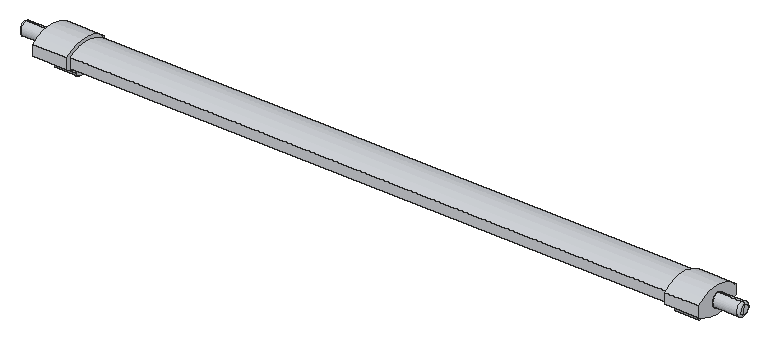
Revit family "0045754", category Lighting Fixtures, host Face, Revit 2017
Family settings
  Host = Face
  Round Connector Dimension = Use Diameter
  Part Type = Normal
  OmniClass Number = 23.80.70.00
  OmniClass Title = Lighting
  Cut with Voids When Loaded = No
  Light Source = Yes
  Shared = No
  Room Calculation Point = No
Parameters (values of type "0045754 ST E BATTEN 1500 IP65 6000LM 840")
  Weight = "8.28 kg"
  Wattage Comments = ""
  Wattage = 42 W
  WarrantyStartDate [instance] = "n/a"
  WarrantyGuarantorParts = "n/a"
  WarrantyDurationUnit = "n/a"
  WarrantyDurationParts = "n/a"
  WarrantyDescription = "n/a"
  built-in parameter 1150110 = 1 (stored number, unit not read)
  Voltage = 0 V
  URL = "http://www.sylvania-lighting.com"
  TypeName = "START eco Batten 1500 IP65 6000lm 840"
  Type Image = <None>
  Type Comments = "n/a"
  built-in parameter 1114217 = 1 (stored number, unit not read)
  Tilt Angle = -90.00°
  built-in parameter 1150109 = 1 (stored number, unit not read)
  built-in parameter 1150134 = 12
  built-in parameter 1150113 = 1 (stored number, unit not read)
  SerialNumber [instance] = "n/a"
  Photometric Web File = "0045754.ies"
  Material_3_SYL = none
  PowerFactor = 0.9
  PowerConsumption = "42 W"
  NominalLength = 1560 mm
  NominalHeight = 55 mm
  NominalDepth = 80 mm
  Name = "START eco Batten 1500 IP65 6000lm 840"
  ModelReference = Name  # "START eco Batten 1500 IP65 6000lm 840"
  ModelNumber = "0045754"
  Model = Name  # "START eco Batten 1500 IP65 6000lm 840"
  Material = "pc polycarbonate housing, pc polycarbonate diffuser"
  ManufacturerName = "Feilo Sylvania"
  Manufacturer = "Feilo Sylvania"
  LuminousEfficacy = "143 lm/W"
  built-in parameter 1150105 = 477.94 (stored number, unit not read)
  Lumens = 6006 lm
  LuminaireType = ""
  built-in parameter 1150115 = 1 (stored number, unit not read)
  LightOutputRatio = "n/a"
  built-in parameter 1150137 = (empty or 0)
  built-in parameter 1150139 = (empty or 0)
  LampsType = Lamp  # "LED"
  LampNominalLuminous = "6000 lm"
  LampMacAdamStep = "5"
  LampColourTemperature = "4000 K"
  LampColourRenderingIndex = "80"
  built-in parameter 1150112 = 1 (stored number, unit not read)
  built-in parameter 1150114 = 1 (stored number, unit not read)
  Lamp = "LED"
  L_CABLE_SYL = 47 mm
  LUM_W_SYL = 40 mm
  LUM_LENGHT1500_SYL = no
  LUM_H_SYL = 50 mm
  LAMP_ST_SYL = if(LUM_LENGHT1500_SYL, -992 mm, -865.5 mm)  # -865.5 mm
  LAMP_L1_SYL = if(LUM_LENGHT1500_SYL, 726.5 mm, 576.5 mm)  # 576.5 mm
  LUM_D2_SYL = 38 mm - LUM_D1_SYL  # 0 mm
  LUM_D1_SYL = 38 mm
  LAMP_END_SYL = if(LUM_LENGHT1500_SYL, 354 mm, 227.5 mm)  # 227.5 mm
  L3_SYL = 6.5 mm
  Keynote = "16500"
  InstallationDate [instance] = "n/a"
  InputVoltage = "n/a"
  InputNominalFrequency = "n/a"
  built-in parameter 1150132 = (empty or 0)
  built-in parameter 1150102 = (empty or 0)
  built-in parameter 1150107 = 4000 (stored number, unit not read)
  built-in parameter 1150138 = (empty or 0)
  IngressProtection = "IP65"
  ImpactProtectionIndex = "IK08"
  built-in parameter 1150106 = 4.7794 (stored number, unit not read)
  IfcExportType = "IfcLightFixtureType"
  IfcExportAs = "IfcLightFixtureType"
  Emit from Circle Diameter = 609.6 mm
  Emit Shape Visible in Rendering = no
  ElectricShockClassification = "Class II"
  built-in parameter 1150104 = 13.285 (stored number, unit not read)
  DocumentationLiterature = "http://www.sylvania-lighting.com/product/en-int/products/0045754"
  DimmingControlOptions = "n/a"
  Material_2_SYL = none
  Dimming Lamp Color Temperature Shift = <None>
  Description = ""
  Default Elevation = 1219.2 mm
  CreatedOn = "10/6/2020"
  CreatedBy = "@sylvania-lighting.com"
  Cost = 0
  Color Filter = 16777215
  built-in parameter 1114216 [instance] = (empty or 0)
  ClassificationValue = "EF_70_80"
  ClassificationName = "Uniclass2015"
  Material_1_SYL = none
  CABLE_D_SYL = 23 mm
  BarCode [instance] = "n/a"
  built-in parameter 1114218 = 1 (stored number, unit not read)
  BODY_ST_SYL = if(LUM_LENGHT1500_SYL, -1052 mm, 204 mm)  # 204 mm
  BODY_END_SYL = if(LUM_LENGHT1500_SYL, -992 mm, 264 mm)  # 264 mm
  BRACKET1_ST_SYL = if(LUM_LENGHT1500_SYL, 394 mm, 244 mm)  # 244 mm
  BRACKET1_END_SYL = if(LUM_LENGHT1500_SYL, 354 mm, 204 mm)  # 204 mm
  built-in parameter 1150133 = 10 (stored number, unit not read)
  AssetType = "Fixed"
  AssetIdentifier [instance] = "n/a"
  Assembly Code = "D5020200"
  Apparent Load = 42 VA
  Material_4_SYL = none
Types (6, lengths in mm): name | Weight | Wattage | TypeName | built-in parameter 1150134 | Photometric Web File | PowerConsumption | NominalLength | NominalHeight | NominalDepth | Name | ModelReference | ModelNumber | Model | Material | LuminousEfficacy | built-in parameter 1150105 | Lumens | LightOutputRatio | LampNominalLuminous | LampColourTemperature | built-in parameter 1150107 | built-in parameter 1150106 | built-in parameter 1150104 | DocumentationLiterature | Description | Apparent Load
  0045753 ST E BATTEN 1500 IP65 6000LM 830 | "13.8 kg" | 42 W | "START eco Batten 1500 IP65 6000lm 830" | (empty or 0) | "0045753.ies" | "42 W" | 1560 | 55 | 80 | "START eco Batten 1500 IP65 6000lm 830" | "START eco Batten 1500 IP65 6000lm 830" | "0045753" | "START eco Batten 1500 IP65 6000lm 830" | "pc polycarbonate housing, pc polycarbonate diffuser" | "143 lm/W" | 477.94 (stored number, unit not read) | 6006 lm | "n/a" | "6000 lm" | "3000 K" | 3000 (stored number, unit not read) | 4.7794 (stored number, unit not read) | 13.285 (stored number, unit not read) | "http://www.sylvania-lighting.com/product/en-int/products/0045753" | "" | 42 VA
  0045750 ST E BATTEN 1200 IP65 5200LM 840 | "7.02 kg" | 36 W | "START eco Batten  1200 IP65 5200lm 840" | 12 | "0045750.ies" | "36 W" | 1260 | 55 | 80 | "START eco Batten  1200 IP65 5200lm 840" | "START eco Batten  1200 IP65 5200lm 840" | "0045750" | "START eco Batten  1200 IP65 5200lm 840" | "pc polycarbonate housing, pc polycarbonate diffuser" | "144 lm/W" | 412.53 (stored number, unit not read) | 5184 lm | "n/a" | "5200 lm" | "4000 K" | 4000 (stored number, unit not read) | 4.1253 (stored number, unit not read) | 13.378 (stored number, unit not read) | "http://www.sylvania-lighting.com/product/en-int/products/0045750" | "" | 36 VA
  0045749 ST E BATTEN 1200 IP65 5200LM 830 | "7.02 kg" | 36 W | "START eco Batten 1200 IP65 5200lm 830" | (empty or 0) | "0045749.ies" | "36 W" | 1260 | 55 | 80 | "START eco Batten 1200 IP65 5200lm 830" | "START eco Batten 1200 IP65 5200lm 830" | "0045749" | "START eco Batten 1200 IP65 5200lm 830" | "pc polycarbonate housing, pc polycarbonate diffuser" | "144 lm/W" | 412.53 (stored number, unit not read) | 5184 lm | "n/a" | "5200 lm" | "3000 K" | 3000 (stored number, unit not read) | 4.1253 (stored number, unit not read) | 13.378 (stored number, unit not read) | "http://www.sylvania-lighting.com/product/en-int/products/0045749" | "" | 36 VA
  0045416 ST E BATTEN NEO 1500 IP65 6000LM 865 ME | "12.213 kg" | 48 W | "START eco Batten NEO 1500 IP65 6000lm 865 ME" | 1 | "0045416.ies" | "48 W" | 1500 | 53.6 | 80 | "START eco Batten NEO 1500 IP65 6000lm 865 ME" | "START eco Batten NEO 1500 IP65 6000lm 865 ME" | "0045416" | "START eco Batten NEO 1500 IP65 6000lm 865 ME" | "n/a" | "125 lm/W" | 477.46 (stored number, unit not read) | 6000 lm | "100" | "6000 lm" | "6500 K" | 6500 (stored number, unit not read) | 4.7746 (stored number, unit not read) | 11.613 (stored number, unit not read) | "http://www.sylvania-lighting.com/product/en-int/products/0045416" | "The new upgraded Start eco Batten IP65 (upgraded version of Batten LED LINK) is a versatile range of slimline LED waterproof luminaires that provide an ideal solution for interior and exterior applications such as workshops, garages and outdoor covered spaces. The design allows the luminaire to be easily linked to another luminaire through an IP65 rated connector. The product can be a slimline replacement for single and twin 36W/58W fluorescent waterproof battens.Polycarbonate housing and diffuser, 5520 lm, 48 W, 115 lm/W, 3000 K, drive current 300 mA, non dimmable, CRI 80, IP65, IK08, Class II, nominal average lifetime (h): 30000, 1500 mm x 80 mm x 53.6 mm, energy class: A++ A+ A." | 48 VA
  0045414 ST E BATTEN NEO 1200 IP65 5200LM 865 ME | "13.368 kg" | 36 W | "START eco Batten NEO 1200 IP65 5200lm 865 ME" | 1 | "0045414.ies" | "36 W" | 1200 | 52.8 | 44 | "START eco Batten NEO 1200 IP65 5200lm 865 ME" | "START eco Batten NEO 1200 IP65 5200lm 865 ME" | "0045414" | "START eco Batten NEO 1200 IP65 5200lm 865 ME" | "n/a" | "144 lm/W" | 412.53 (stored number, unit not read) | 5184 lm | "100" | "5200 lm" | "6500 K" | 6500 (stored number, unit not read) | 4.1253 (stored number, unit not read) | 13.378 (stored number, unit not read) | "http://www.sylvania-lighting.com/product/en-int/products/0045414" | "The new upgraded Start eco Batten IP65 (upgraded version of Batten LED LINK) is a versatile range of slimline LED waterproof luminaires that provide an ideal solution for interior and exterior applications such as workshops, garages and outdoor covered spaces. The design allows the luminaire to be easily linked to another luminaire through an IP65 rated connector. The product can be a slimline replacement for single and twin 36W/58W fluorescent waterproof battens.Polycarbonate housing and diffuser, 2500 lm, 20 W, 125 lm/W, 4000 K, drive current 130 mA, non dimmable, CRI 80, IP65, IK08, Class II, nominal average lifetime (h): 30000, 1200 mm x 42 mm x 52.8 mm, energy class: A++ A+ A." | 36 VA
  0045754 ST E BATTEN 1500 IP65 6000LM 840 | "8.28 kg" | 42 W | "START eco Batten 1500 IP65 6000lm 840" | 12 | "0045754.ies" | "42 W" | 1560 | 55 | 80 | "START eco Batten 1500 IP65 6000lm 840" | "START eco Batten 1500 IP65 6000lm 840" | "0045754" | "START eco Batten 1500 IP65 6000lm 840" | "pc polycarbonate housing, pc polycarbonate diffuser" | "143 lm/W" | 477.94 (stored number, unit not read) | 6006 lm | "n/a" | "6000 lm" | "4000 K" | 4000 (stored number, unit not read) | 4.7794 (stored number, unit not read) | 13.285 (stored number, unit not read) | "http://www.sylvania-lighting.com/product/en-int/products/0045754" | "" | 42 VA
Reference planes
  plane 1 "Center (Front/Back)": y = 0
  plane 2: z = 0
  plane 3 "Center (Left/Right)": x = 0
  plane 4: x = 576.5
  plane 5: x = 583
  plane 6: x = 630
  plane 7: x = -576.5
  plane 8: x = -583
  plane 9: x = -630
  plane 10: z = 0
  plane 11: z = -5.5
  plane 12: z = 0
  plane 13: z = -50
  plane 14: y = 18
  plane 15: y = -18
  plane 16: z = -46
  plane 17: y = 16
  plane 18: y = -16
  plane 19: y = 40
  plane 20: y = -40
  plane 21: z = 5
  plane 22: z = -10
  plane 23: z = -28
  plane 24: z = -17.3
  plane 25: z = -0.3
  plane 26: z = -34.3
  plane 27: y = 35
  plane 28: y = -35
Forms (mm)
  Revolve 1, solid
    sketch origin (0, 0, 0) x (1, 0, 0) y (0, 0, 1)
      loop
        line (630, -17) -> (583, -17) -> (583, -29.5)
        arc (583, -29.5) -> (583.293, -28.793) -> (584, -28.5) r 1
        line (584, -28.5) -> (626, -28.5)
        arc (626, -28.5) -> (628.828, -27.328) -> (630, -24.5) r 4
        line (630, -24.5) -> (630, -17)
      loop
        arc (-584, -28.5) -> (-583.293, -28.793) -> (-583, -29.5) r 1
        line (-583, -29.5) -> (-583, -17) -> (-630, -17) -> (-630, -24.5)
        arc (-630, -24.5) -> (-628.828, -27.328) -> (-626, -28.5) r 4
        line (-626, -28.5) -> (-584, -28.5)
      axis (630, -17) -> (-630, -17)
    angle from 360 to 0
  Extrusion 2, solid
    sketch origin (319, 1524, 1219.2) x (0, 1, 0) y (0, 0, 1)
      loop
        line (-1506, -1236.2) -> (-1508, -1236.2) -> (-1508, -1261.2)
        arc (-1508, -1261.2) -> (-1509.172, -1264.028) -> (-1512, -1265.2) r 4
        line (-1512, -1265.2) -> (-1534, -1265.2)
        arc (-1534, -1265.2) -> (-1538.243, -1263.443) -> (-1540, -1259.2) r 6
        line (-1540, -1259.2) -> (-1540, -1236.2) -> (-1542, -1236.2) -> (-1542, -1263.2)
        arc (-1542, -1263.2) -> (-1540.243, -1267.443) -> (-1536, -1269.2) r 6
        line (-1536, -1269.2) -> (-1512, -1269.2)
        arc (-1512, -1269.2) -> (-1507.757, -1267.443) -> (-1506, -1263.2) r 6
        line (-1506, -1263.2) -> (-1506, -1236.2)
    from 204 <- "BRACKET1_END_SYL" to 244 <- "BRACKET1_ST_SYL"
  Extrusion 3, solid
    sketch origin (-319, 1524, 1219.2) x (0, 1, 0) y (0, 0, -1)
      loop
        line (-1506, 1236.2) -> (-1506, 1263.2)
        arc (-1506, 1263.2) -> (-1507.757, 1267.443) -> (-1512, 1269.2) r 6
        line (-1512, 1269.2) -> (-1536, 1269.2)
        arc (-1536, 1269.2) -> (-1540.243, 1267.443) -> (-1542, 1263.2) r 6
        line (-1542, 1263.2) -> (-1542, 1236.2) -> (-1540, 1236.2) -> (-1540, 1259.2)
        arc (-1540, 1259.2) -> (-1538.243, 1263.443) -> (-1534, 1265.2) r 6
        line (-1534, 1265.2) -> (-1512, 1265.2)
        arc (-1512, 1265.2) -> (-1509.172, 1264.028) -> (-1508, 1261.2) r 4
        line (-1508, 1261.2) -> (-1508, 1236.2) -> (-1506, 1236.2)
    from 204 <- "BRACKET1_END_SYL" to 244 <- "BRACKET1_ST_SYL"
  Extrusion 4, solid
    sketch origin (319, 1524, 1219.2) x (0, 1, 0) y (0, 0, 1)
      loop
        line (-1564, -1229.2) -> (-1564, -1247.2)
        arc (-1564, -1247.2) -> (-1524, -1258.757) -> (-1484, -1247.2) r 75
        line (-1484, -1247.2) -> (-1484, -1229.2)
        arc (-1484, -1229.2) -> (-1524, -1214.2) -> (-1564, -1229.2) r 60.833
    from 204 <- "BODY_ST_SYL" to 264 <- "BODY_END_SYL"
  Extrusion 5, solid
    sketch origin (-319, 1524, 1219.2) x (0, 1, 0) y (0, 0, -1)
      loop
        arc (-1564, 1229.2) -> (-1524, 1214.2) -> (-1484, 1229.2) r 60.833
        line (-1484, 1229.2) -> (-1484, 1247.2)
        arc (-1484, 1247.2) -> (-1524, 1258.757) -> (-1564, 1247.2) r 75
        line (-1564, 1247.2) -> (-1564, 1229.2)
    from 204 <- "BODY_ST_SYL" to 264 <- "BODY_END_SYL"
  Extrusion 6, solid
    sketch origin (319, 1524, 1219.2) x (0, 1, 0) y (0, 0, 1)
      loop
        arc (-1489, -1229.2) -> (-1524, -1219.2) -> (-1559, -1229.2) r 66.25
        line (-1559, -1229.2) -> (-1559, -1247.2)
        arc (-1559, -1247.2) -> (-1524, -1253.5) -> (-1489, -1247.2) r 100.372
        line (-1489, -1247.2) -> (-1489, -1229.2)
    from -865.5 <- "LAMP_ST_SYL" to 227.5 <- "LAMP_END_SYL"
Dimensions and locks
  "LAMP_L1_SYL": plane 4 to plane 3 "Center (Left/Right)"
  "LAMP_L1_SYL": plane 3 "Center (Left/Right)" to plane 7
  "L3_SYL": plane 5 to plane 4
  "L_CABLE_SYL": plane 6 to plane 5
  plane 7 to plane 8 = 6.5 mm
  plane 8 to plane 9 = 47 mm
  "L3_SYL": plane 7 to plane 8
  "L_CABLE_SYL": plane 8 to plane 9
  "LUM_D2_SYL": plane 10 to host face
  plane 10 to host face = 0 mm
  "LUM_H_SYL": plane 13 to host face
  "LUM_W_SYL": plane 19 to plane 1 "Center (Front/Back)" to plane 20
  aligned and locked: plane 2 to host face
  aligned and locked: level to host face
  aligned and locked: plane 8 to Revolve 1 sketch curve
Automatic sketch dimensions
  host sketch curve to host sketch curve = 2438.4 mm  (x2)
  Revolve 1 sketch curve to plane 9 = 0 mm
  Revolve 1 sketch curve to plane 5 = 0 mm
  Revolve 1 sketch curve to plane 6 = 0 mm
  Revolve 1 sketch curve to Revolve 1 sketch curve = 4 mm
  plane 23 to Revolve 1 sketch curve = 0.5 mm  (x2)
  Revolve 1 sketch curve to plane 8 = 1 mm
  plane 5 to Revolve 1 sketch curve = 1 mm
  Revolve 1 sketch curve to plane 6 = 4 mm
  plane 22 to Revolve 1 sketch curve = 7 mm  (x3)
  Revolve 1 sketch curve to plane 9 = 561.5 mm
  plane 6 to Revolve 1 sketch curve = 569.9 mm
  Extrusion 2 sketch curve to plane 15 = 0 mm
  Extrusion 2 sketch curve to plane 18 = 0 mm
  plane 13 to Extrusion 2 sketch curve = 0 mm
  plane 16 to Extrusion 2 sketch curve = 0 mm
  Extrusion 2 sketch curve to plane 17 = 0 mm
  Extrusion 2 sketch curve to plane 14 = 0 mm
  Extrusion 2 sketch curve to plane 16 = 2 mm  (x2)
  Extrusion 2 sketch curve to Extrusion 2 sketch curve = 2 mm
  Extrusion 2 sketch curve to Extrusion 2 sketch curve = 0 mm
  plane 22 to Extrusion 2 sketch curve = 7 mm  (x2)
  Extrusion 3 sketch curve to plane 15 = 0 mm
  Extrusion 3 sketch curve to plane 18 = 0 mm
  plane 13 to Extrusion 3 sketch curve = 0 mm
  plane 16 to Extrusion 3 sketch curve = 0 mm
  Extrusion 3 sketch curve to plane 17 = 0 mm
  Extrusion 3 sketch curve to plane 14 = 0 mm
  Extrusion 3 sketch curve to plane 16 = 2 mm  (x2)
  Extrusion 3 sketch curve to Extrusion 3 sketch curve = 2 mm
  Extrusion 3 sketch curve to Extrusion 3 sketch curve = 0 mm
  plane 22 to Extrusion 3 sketch curve = 7 mm  (x2)
  Extrusion 4 sketch curve to plane 20 = 0 mm
  Extrusion 4 sketch curve to plane 1 "Center (Front/Back)" = 0 mm  (x2)
  Extrusion 4 sketch curve to plane 19 = 0 mm
  plane 23 to Extrusion 4 sketch curve = 0 mm
  plane 22 to Extrusion 4 sketch curve = 0 mm
  plane 13 to Extrusion 4 sketch curve = 5.833 mm
  Extrusion 4 sketch curve to plane 21 = 30.443 mm
  Extrusion 5 sketch curve to plane 20 = 0 mm
  Extrusion 5 sketch curve to plane 1 "Center (Front/Back)" = 0 mm  (x2)
  Extrusion 5 sketch curve to plane 19 = 0 mm
  plane 22 to Extrusion 5 sketch curve = 0 mm
  plane 23 to Extrusion 5 sketch curve = 0 mm
  Extrusion 5 sketch curve to plane 21 = 30.443 mm
  plane 13 to Extrusion 5 sketch curve = 5.833 mm
  plane 22 to Extrusion 6 sketch curve = 0 mm  (x2)
  Extrusion 6 sketch curve to plane 28 = 0 mm
  plane 23 to Extrusion 6 sketch curve = 0 mm  (x2)
  Extrusion 6 sketch curve to plane 1 "Center (Front/Back)" = 0 mm
  plane 13 to Extrusion 6 sketch curve = 16.25 mm
  Extrusion 6 sketch curve to plane 21 = 61.072 mm
Connectors
  electrical at (0, 0, 0), driven by "Apparent Load", driven by "PowerFactor", driven by "Voltage"
    settings: index 1, voltage 0 V, apparent load 42 VA, apparent load phase1 0 VA, apparent load phase2 0 VA, apparent load phase3 0 VA, power factor 0.9, load classification "Lighting", number of poles 1, system type 30, power factor state 1, is connector primary yes, connector utility no, sub classification motor no, connector description ""
